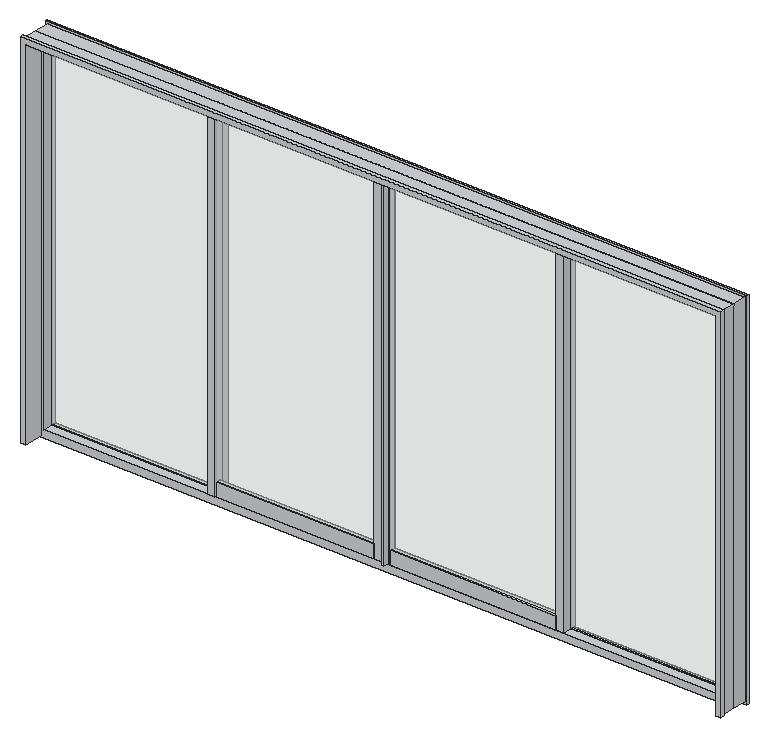
Revit family "APL Residential Thermal Heart Sliding Door FSSF", category Doors, host Wall, Revit 2017 (continued)
Definition of nested family "APL Residential Thermal Heart Sliding Door FSSF Vertical Section"
  Nested families
    nested 4: "Glass" at (-317.757, -2.597, 0), Glass Lenght <- "Glass Length", type "Glass", in view "Left", detail levels fine
      with Glass Lenght 282.1 mm
    nested 5: "Head Two Panel" at (-395.477, 376.603, 0), type "Head Two Panel", in view "Left", detail levels fine
    nested 6: "Sill Two Panel" at (-308.917, -123.397, 0), type "Sill Two Panel", in view "Left", detail levels fine
  Definition of nested family "Liner"
    Parameters (values of type "Liner")
      Type Image = (empty or 0)
      built-in parameter 1001306 [instance] = 100 mm
      Groove [instance] = 10 mm
      End Liner [instance] = 10 mm
    Reference planes
      plane 1 "Center (Front/Back)": y = 0
      plane 2: z = 0
      plane 3 "Left": x = 0
      plane 4 "Right": x = 100
    Lines and regions (mm)
      Filled region 1, type "Brick", in view "Ref. Level"
        outline origin (0, 0, 0) x (1, 0, 0) y (0, 1, 0)
          loop
            line (0, 0) -> (120, 0) -> (120, 19) -> (110, 19) -> (110, 13.435) -> (100, 13.435) -> (100, 19) -> (0, 19) -> (0, 0)
      reference lines, in view "Ref. Level"
        curve 1: line (0, 0, 0) -> (100, 0, 0)
      detail lines, in view "Ref. Level", detail levels fine
        curve 2: line (100, 0, 0) -> (0, 0, 0)
    Dimensions and locks
      "built-in parameter 1001306": plane 3 "Left" to plane 4 "Right"
      locked: Filled region 1 to curve 2 at 19
      "Groove": plane 4 "Right" to Filled region 1
      "End Liner": Filled region 1 to Filled region 1
      aligned and locked: plane 1 "Center (Front/Back)" to curve 1
      aligned and locked: plane 3 "Left" to curve 1
      aligned and locked: plane 4 "Right" to curve 1
      aligned and locked: curve 1 to Filled region 1
      aligned and locked: plane 1 "Center (Front/Back)" to Filled region 1
      aligned and locked: Filled region 1 to plane 3 "Left"
    Automatic sketch dimensions
      curve 2 to plane 4 "Right" = 0 mm
      Filled region 1 sketch curve to plane 3 "Left" = 0 mm
      Filled region 1 sketch curve to plane 4 "Right" = 0 mm
      Filled region 1 sketch curve to Filled region 1 sketch curve = 10 mm  (x2)
      Filled region 1 sketch curve to plane 1 "Center (Front/Back)" = 0 mm
      Filled region 1 sketch curve to plane 1 "Center (Front/Back)" = 13.435 mm
      Filled region 1 sketch curve to Filled region 1 sketch curve = 5.565 mm  (x2)
      curve 2 to plane 3 "Left" = 0 mm
  Definition of nested family "Glass"
    Parameters (values of type "Glass")
      Glass Lenght [instance] = 50 mm
    Reference planes
      plane 1 "Center (Front/Back)": y = 0
      plane 2: z = 0
      plane 3 "Center (Left/Right)": x = 0
      plane 4: y = -50
    Lines and regions (mm)
      Filled region 1, type "Solid Fill - Black", in view "Ref. Level"
        outline origin (0, 0, 0) x (1, 0, 0) y (0, 1, 0)
          loop
            line (4, 0) -> (4, -12) -> (20, -12) -> (20, 0) -> (4, 0)
      model lines, in view "Ref. Level"
        curve 1: line (4, -12, 0) -> (20, -12, 0)
        curve 2: line (0, -50, 0) -> (0, 0, 0)
        curve 3: line (0, 0, 0) -> (24, 0, 0)
        curve 4: line (24, 0, 0) -> (24, -50, 0)
        curve 5: line (20, 0, 0) -> (20, -50, 0)
        curve 6: line (4, 0, 0) -> (4, -50, 0)
      detail lines, in view "Ref. Level"
        curve 7: arc (25, -11.728, 0) -> (24.979, -11.828, 0) -> (24.92, -11.912, 0) r 0.25
        curve 8: arc (24.161, -12.614, 0) -> (24.042, -12.78, 0) -> (24, -12.981, 0) r 0.5
        curve 9: arc (24, -14.404, 0) -> (24.088, -14.594, 0) -> (24.289, -14.651, 0) r 0.25
        curve 10: arc (28.489, -13.997, 0) -> (28.647, -13.904, 0) -> (28.699, -13.728, 0) r 0.25
        curve 11: arc (27.5, -9.1, 0) -> (27.711, -8.984, 0) -> (27.727, -8.744, 0) r 0.25
        curve 12: arc (26.033, -5.114, 0) -> (25.642, -4.858, 0) -> (25.24, -5.095, 0) r 0.442
        curve 13: arc (24.864, -5.812, 0) -> (24.414, -6.357, 0) -> (24.052, -6.964, 0) r 4.62
        curve 14: arc (24.052, -6.964, 0) -> (24.013, -7.073, 0) -> (24, -7.187, 0) r 0.5
        curve 15: arc (24, -7.743, 0) -> (24.132, -7.931, 0) -> (24.353, -7.871, 0) r 0.2
        curve 16: arc (24.353, -7.871, 0) -> (24.514, -7.711, 0) -> (24.702, -7.581, 0) r 1.262
        curve 17: arc (24.702, -7.581, 0) -> (24.901, -7.583, 0) -> (25, -7.756, 0) r 0.2
        curve 18: arc (25, -8.353, 0) -> (24.962, -8.543, 0) -> (24.855, -8.705, 0) r 0.5
        curve 19: arc (24.855, -8.705, 0) -> (24.408, -9.237, 0) -> (24.051, -9.833, 0) r 4.3
        curve 20: arc (24.051, -9.833, 0) -> (24.013, -9.941, 0) -> (24, -10.054, 0) r 0.5
        curve 21: arc (24, -10.668, 0) -> (24.137, -10.858, 0) -> (24.361, -10.787, 0) r 0.2
        curve 22: arc (24.361, -10.787, 0) -> (24.512, -10.617, 0) -> (24.69, -10.476, 0) r 1.288
        curve 23: arc (24.69, -10.476, 0) -> (24.895, -10.467, 0) -> (25, -10.643, 0) r 0.2
        curve 24: line (24.92, -11.912, 0) -> (24.161, -12.614, 0)
        curve 25: line (24, -12.981, 0) -> (24, -14.404, 0)
        curve 26: line (24.289, -14.651, 0) -> (28.489, -13.997, 0)
        curve 27: line (28.699, -13.728, 0) -> (28.548, -12, 0)
        curve 28: line (28.548, -12, 0) -> (27, -12, 0)
        curve 29: line (27, -12, 0) -> (27, -9.1, 0)
        curve 30: line (27, -9.1, 0) -> (27.5, -9.1, 0)
        curve 31: line (27.727, -8.744, 0) -> (26.033, -5.114, 0)
        curve 32: line (25.24, -5.095, 0) -> (24.864, -5.812, 0)
        curve 33: line (24, -7.187, 0) -> (24, -7.743, 0)
        curve 34: line (25, -7.756, 0) -> (25, -8.353, 0)
        curve 35: line (24, -10.054, 0) -> (24, -10.668, 0)
        curve 36: line (25, -10.643, 0) -> (25, -11.728, 0)
        curve 87: arc (-0.25, -13, 0) -> (0, -12.75, 0) -> (-0.25, -12.5, 0) r 0.25
        curve 88: arc (-0.25, -9.45, 0) -> (0, -9.2, 0) -> (-0.25, -8.95, 0) r 0.25
        curve 89: arc (-0.25, -8.281, 0) -> (0, -8.031, 0) -> (-0.25, -7.781, 0) r 0.25
        curve 90: arc (-0.25, -7.113, 0) -> (0, -6.863, 0) -> (-0.25, -6.613, 0) r 0.25
        curve 91: line (-0.25, -5.444, 0) -> (-1, -5.444, 0)
        curve 92: line (-1, -5.444, 0) -> (-1, -9.45, 0)
        curve 93: line (-1, -9.45, 0) -> (-2.2, -9.45, 0)
        curve 94: line (-2.2, -9.45, 0) -> (-2.2, -8.7, 0)
        curve 95: line (-2.2, -8.7, 0) -> (-2.8, -8.7, 0)
        curve 96: line (-2.8, -8.7, 0) -> (-2.8, -11.8, 0)
        curve 97: line (-2.8, -11.8, 0) -> (-2.2, -11.8, 0)
        curve 98: line (-2.2, -11.8, 0) -> (-2.2, -11.05, 0)
        curve 99: line (-2.2, -11.05, 0) -> (-1, -11.05, 0)
        curve 100: line (-1, -11.05, 0) -> (-1, -13, 0)
        curve 101: line (-1, -13, 0) -> (-0.25, -13, 0)
        curve 102: line (-0.25, -12.5, 0) -> (-0.25, -9.45, 0)
        curve 103: line (-0.25, -8.95, 0) -> (-0.25, -8.281, 0)
        curve 104: line (-0.25, -7.781, 0) -> (-0.25, -7.113, 0)
        curve 105: line (-0.25, -6.613, 0) -> (-0.25, -5.944, 0)
        curve 106: arc (-0.25, -5.944, 0) -> (0, -5.694, 0) -> (-0.25, -5.444, 0) r 0.25
      detail lines, in view "Ref. Level", not visible
        curve 37: arc (-0.25, -4.9, 0) -> (0, -5.15, 0) -> (-0.25, -5.4, 0) r 0.25
        curve 38: arc (-0.25, -8.45, 0) -> (0, -8.7, 0) -> (-0.25, -8.95, 0) r 0.25
        curve 39: arc (-0.25, -9.619, 0) -> (0, -9.869, 0) -> (-0.25, -10.119, 0) r 0.25
        curve 40: arc (-0.25, -10.787, 0) -> (0, -11.037, 0) -> (-0.25, -11.287, 0) r 0.25
        curve 41: line (-0.25, -12.456, 0) -> (-1, -12.456, 0)
        curve 42: line (-1, -12.456, 0) -> (-1, -8.45, 0)
        curve 43: line (-1, -8.45, 0) -> (-2.2, -8.45, 0)
        curve 44: line (-2.2, -8.45, 0) -> (-2.2, -9.2, 0)
        curve 45: line (-2.2, -9.2, 0) -> (-2.8, -9.2, 0)
        curve 46: line (-2.8, -9.2, 0) -> (-2.8, -6.1, 0)
        curve 47: line (-2.8, -6.1, 0) -> (-2.2, -6.1, 0)
        curve 48: line (-2.2, -6.1, 0) -> (-2.2, -6.85, 0)
        curve 49: line (-2.2, -6.85, 0) -> (-1, -6.85, 0)
        curve 50: line (-1, -6.85, 0) -> (-1, -4.9, 0)
        curve 51: line (-1, -4.9, 0) -> (-0.25, -4.9, 0)
        curve 52: line (-0.25, -5.4, 0) -> (-0.25, -8.45, 0)
        curve 53: line (-0.25, -8.95, 0) -> (-0.25, -9.619, 0)
        curve 54: line (-0.25, -10.119, 0) -> (-0.25, -10.787, 0)
        curve 55: line (-0.25, -11.287, 0) -> (-0.25, -11.956, 0)
        curve 56: arc (-0.25, -11.956, 0) -> (0, -12.206, 0) -> (-0.25, -12.456, 0) r 0.25
        curve 57: arc (25, -10.728, 0) -> (24.979, -10.828, 0) -> (24.92, -10.912, 0) r 0.25
        curve 58: arc (24.161, -11.614, 0) -> (24.042, -11.78, 0) -> (24, -11.981, 0) r 0.5
        curve 59: arc (24, -13.404, 0) -> (24.088, -13.594, 0) -> (24.289, -13.651, 0) r 0.25
        curve 60: arc (28.489, -12.997, 0) -> (28.647, -12.904, 0) -> (28.699, -12.728, 0) r 0.25
        curve 61: arc (27.5, -8.1, 0) -> (27.711, -7.984, 0) -> (27.727, -7.744, 0) r 0.25
        curve 62: arc (26.033, -4.114, 0) -> (25.642, -3.858, 0) -> (25.24, -4.095, 0) r 0.442
        curve 63: arc (24.864, -4.812, 0) -> (24.414, -5.357, 0) -> (24.052, -5.964, 0) r 4.62
        curve 64: arc (24.052, -5.964, 0) -> (24.013, -6.073, 0) -> (24, -6.187, 0) r 0.5
        curve 65: arc (24, -6.743, 0) -> (24.132, -6.931, 0) -> (24.353, -6.871, 0) r 0.2
        curve 66: arc (24.353, -6.871, 0) -> (24.514, -6.711, 0) -> (24.702, -6.581, 0) r 1.262
        curve 67: arc (24.702, -6.581, 0) -> (24.901, -6.583, 0) -> (25, -6.756, 0) r 0.2
        curve 68: arc (25, -7.353, 0) -> (24.962, -7.543, 0) -> (24.855, -7.705, 0) r 0.5
        curve 69: arc (24.855, -7.705, 0) -> (24.408, -8.237, 0) -> (24.051, -8.833, 0) r 4.3
        curve 70: arc (24.051, -8.833, 0) -> (24.013, -8.941, 0) -> (24, -9.054, 0) r 0.5
        curve 71: arc (24, -9.668, 0) -> (24.137, -9.858, 0) -> (24.361, -9.787, 0) r 0.2
        curve 72: arc (24.361, -9.787, 0) -> (24.512, -9.617, 0) -> (24.69, -9.476, 0) r 1.288
        curve 73: arc (24.69, -9.476, 0) -> (24.895, -9.467, 0) -> (25, -9.643, 0) r 0.2
        curve 74: line (24.92, -10.912, 0) -> (24.161, -11.614, 0)
        curve 75: line (24, -11.981, 0) -> (24, -13.404, 0)
        curve 76: line (24.289, -13.651, 0) -> (28.489, -12.997, 0)
        curve 77: line (28.699, -12.728, 0) -> (28.548, -11, 0)
        curve 78: line (28.548, -11, 0) -> (27, -11, 0)
        curve 79: line (27, -11, 0) -> (27, -8.1, 0)
        curve 80: line (27, -8.1, 0) -> (27.5, -8.1, 0)
        curve 81: line (27.727, -7.744, 0) -> (26.033, -4.114, 0)
        curve 82: line (25.24, -4.095, 0) -> (24.864, -4.812, 0)
        curve 83: line (24, -6.187, 0) -> (24, -6.743, 0)
        curve 84: line (25, -6.756, 0) -> (25, -7.353, 0)
        curve 85: line (24, -9.054, 0) -> (24, -9.668, 0)
        curve 86: line (25, -9.643, 0) -> (25, -10.728, 0)
    Dimensions and locks
      "Glass Lenght": plane 1 "Center (Front/Back)" to plane 4
      aligned and locked: plane 4 to curve 2
      aligned and locked: plane 1 "Center (Front/Back)" to Filled region 1 sketch curve
      aligned and locked: Filled region 1 sketch curve to curve 6
      aligned and locked: Filled region 1 sketch curve to curve 1
      aligned and locked: Filled region 1 sketch curve to curve 5
    Automatic sketch dimensions
      plane 1 "Center (Front/Back)" to curve 2 = 0 mm
      curve 2 to plane 3 "Center (Left/Right)" = 0 mm
      curve 6 to plane 4 = 0 mm
      curve 5 to plane 4 = 0 mm
      curve 4 to plane 4 = 0 mm
      curve 5 to curve 3 = 4 mm
      curve 1 to curve 1 = 16 mm
      plane 1 "Center (Front/Back)" to curve 1 = 12 mm
      plane 3 "Center (Left/Right)" to curve 6 = 4 mm
  Definition of nested family "Head Two Panel"
    Reference planes
      plane 1 "Center (Front/Back)": y = 0
      plane 2: z = 0
      plane 3 "Center (Left/Right)": x = 0
    Dimensions and locks
      nested 1 to nested 2 = 7.499 mm
    Nested families
      nested 1: "65460_Door Top And Window Rail" at (73.501, -105, 0), type "65460_Door Top And Window Rail", in view "Ref. Level"
      nested 2: "65400_Frame Head" at (0, 0, 0), type "65400_Frame Head", in view "Ref. Level"
      nested 3: "65575_Threshold" at (0, -24, 0), type "65575_Threshold", in view "Ref. Level"
    Definition of nested family "65460_Door Top And Window Rail"
      Reference planes
        plane 1 "Center (Front/Back)": y = 0
        plane 2: z = 0
        plane 3 "Center (Left/Right)": x = 0
      Lines and regions (mm)
        detail lines, in view "Ref. Level"
          curve 1: arc (20.155, 25.72, 0) -> (19.65, 25.078, 0) -> (19.29, 24.346, 0) r 3.9
          curve 2: arc (19.29, 24.346, 0) -> (19.067, 24.218, 0) -> (18.902, 24.415, 0) r 0.2
          curve 3: arc (18.902, 31.835, 0) -> (19.067, 32.032, 0) -> (19.29, 31.904, 0) r 0.2
          curve 4: arc (19.29, 31.904, 0) -> (19.65, 31.172, 0) -> (20.155, 30.53, 0) r 3.9
          curve 5: arc (20.155, 30.53, 0) -> (21.428, 30.513, 0) -> (21.445, 31.786, 0) r 0.9
          curve 6: arc (21.445, 31.786, 0) -> (20.85, 33.25, 0) -> (21.445, 34.715, 0) r 2.1
          curve 7: arc (21.445, 34.715, 0) -> (21.57, 34.877, 0) -> (21.656, 35.064, 0) r 0.9
          curve 8: arc (21.656, 35.064, 0) -> (21.753, 35.236, 0) -> (21.91, 35.358, 0) r 0.5
          curve 9: arc (21.91, 35.358, 0) -> (22.95, 35.6, 0) -> (23.99, 35.358, 0) r 2.35
          curve 10: arc (23.99, 35.358, 0) -> (24.147, 35.236, 0) -> (24.244, 35.064, 0) r 0.5
          curve 11: arc (24.244, 35.064, 0) -> (24.33, 34.877, 0) -> (24.455, 34.715, 0) r 0.9
          curve 12: arc (24.455, 34.715, 0) -> (25.05, 33.25, 0) -> (24.455, 31.786, 0) r 2.1
          curve 13: arc (24.455, 31.786, 0) -> (24.472, 30.513, 0) -> (25.745, 30.53, 0) r 0.9
          curve 14: arc (25.745, 30.53, 0) -> (26.799, 32.619, 0) -> (26.468, 34.934, 0) r 3.9
          curve 15: arc (26.468, 34.934, 0) -> (26.496, 35.417, 0) -> (26.919, 35.65, 0) r 0.5
          curve 16: arc (31.08, 35.65, 0) -> (31.402, 35.533, 0) -> (31.572, 35.236, 0) r 0.5
          curve 17: arc (31.572, 21.014, 0) -> (31.402, 20.717, 0) -> (31.08, 20.6, 0) r 0.5
          curve 18: arc (26.919, 20.6, 0) -> (26.496, 20.834, 0) -> (26.468, 21.316, 0) r 0.5
          curve 19: arc (26.468, 21.316, 0) -> (26.799, 23.631, 0) -> (25.745, 25.72, 0) r 3.9
          curve 20: arc (25.745, 25.72, 0) -> (24.472, 25.737, 0) -> (24.455, 24.464, 0) r 0.9
          curve 21: arc (24.455, 24.464, 0) -> (25.05, 23, 0) -> (24.455, 21.535, 0) r 2.1
          curve 22: arc (24.455, 21.535, 0) -> (24.33, 21.373, 0) -> (24.244, 21.186, 0) r 0.9
          curve 23: arc (24.244, 21.186, 0) -> (24.147, 21.014, 0) -> (23.99, 20.892, 0) r 0.5
          curve 24: arc (23.99, 20.892, 0) -> (22.95, 20.65, 0) -> (21.91, 20.892, 0) r 2.35
          curve 25: arc (21.91, 20.892, 0) -> (21.753, 21.014, 0) -> (21.656, 21.186, 0) r 0.5
          curve 26: arc (21.656, 21.186, 0) -> (21.57, 21.373, 0) -> (21.445, 21.535, 0) r 0.9
          curve 27: arc (21.445, 21.535, 0) -> (20.85, 23, 0) -> (21.445, 24.464, 0) r 2.1
          curve 28: arc (21.445, 24.464, 0) -> (21.428, 25.737, 0) -> (20.155, 25.72, 0) r 0.9
          curve 29: arc (17.002, 21.247, 0) -> (17.028, 21.125, 0) -> (17.102, 21.023, 0) r 0.3
          curve 30: arc (17.102, 21.023, 0) -> (17.182, 20.693, 0) -> (16.902, 20.5, 0) r 0.3
          curve 31: arc (14.681, 21.043, 0) -> (14.592, 21.095, 0) -> (14.54, 21.184, 0) r 0.2
          curve 32: arc (14.495, 21.352, 0) -> (14.354, 21.493, 0) -> (14.161, 21.441, 0) r 0.2
          curve 33: arc (13.797, 21.077, 0) -> (13.737, 20.992, 0) -> (13.71, 20.891, 0) r 0.3
          curve 34: arc (13.503, 18.526, 0) -> (13.619, 18.262, 0) -> (13.905, 18.218, 0) r 0.3
          curve 35: arc (15.315, 18.731, 0) -> (15.441, 18.819, 0) -> (15.507, 18.957, 0) r 0.3
          curve 36: arc (15.507, 18.957, 0) -> (15.78, 19.199, 0) -> (16.085, 19, 0) r 0.3
          curve 37: arc (31.1, 19, 0) -> (31.414, 18.904, 0) -> (31.601, 18.633, 0) r 0.5
          curve 38: arc (32.601, 3.535, 0) -> (32.523, 3.377, 0) -> (32.349, 3.342, 0) r 0.2
          curve 39: arc (31.453, 3.583, 0) -> (31.279, 3.548, 0) -> (31.201, 3.389, 0) r 0.2
          curve 40: arc (31.439, 1.205, 0) -> (31.508, 1.087, 0) -> (31.636, 1.04, 0) r 0.2
          curve 41: arc (32.901, 0.203, 0) -> (32.959, 0.06, 0) -> (33.101, 0, 0) r 0.2
          curve 42: arc (33.8, 0, 0) -> (33.941, 0.059, 0) -> (34, 0.2, 0) r 0.2
          curve 43: arc (34, 71.5, 0) -> (33.854, 71.854, 0) -> (33.5, 72, 0) r 0.5
          curve 44: arc (32.4, 72, 0) -> (32.259, 71.942, 0) -> (32.2, 71.8, 0) r 0.2
          curve 45: arc (32.2, 57.95, 0) -> (32.141, 57.809, 0) -> (32, 57.75, 0) r 0.2
          curve 46: arc (29.4, 57.75, 0) -> (29.259, 57.692, 0) -> (29.2, 57.55, 0) r 0.2
          curve 47: arc (29.2, 56.45, 0) -> (29.259, 56.309, 0) -> (29.4, 56.25, 0) r 0.2
          curve 48: arc (32, 56.25, 0) -> (32.141, 56.192, 0) -> (32.2, 56.05, 0) r 0.2
          curve 49: arc (32.2, 42.95, 0) -> (32.141, 42.809, 0) -> (32, 42.75, 0) r 0.2
          curve 50: arc (29.4, 42.75, 0) -> (29.259, 42.692, 0) -> (29.2, 42.55, 0) r 0.2
          curve 51: arc (29.2, 41.45, 0) -> (29.259, 41.309, 0) -> (29.4, 41.25, 0) r 0.2
          curve 52: arc (32, 41.25, 0) -> (32.141, 41.192, 0) -> (32.2, 41.05, 0) r 0.2
          curve 53: arc (31.601, 37.618, 0) -> (31.422, 37.352, 0) -> (31.119, 37.25, 0) r 0.5
          curve 54: arc (16.085, 37.25, 0) -> (15.78, 37.051, 0) -> (15.507, 37.293, 0) r 0.3
          curve 55: arc (15.507, 37.293, 0) -> (15.441, 37.431, 0) -> (15.315, 37.519, 0) r 0.3
          curve 56: arc (13.905, 38.032, 0) -> (13.619, 37.988, 0) -> (13.503, 37.724, 0) r 0.3
          curve 57: arc (13.71, 35.359, 0) -> (13.737, 35.258, 0) -> (13.797, 35.173, 0) r 0.3
          curve 58: arc (14.161, 34.809, 0) -> (14.354, 34.757, 0) -> (14.495, 34.898, 0) r 0.2
          curve 59: arc (14.54, 35.066, 0) -> (14.592, 35.155, 0) -> (14.681, 35.207, 0) r 0.2
          curve 60: arc (16.902, 35.75, 0) -> (17.182, 35.557, 0) -> (17.102, 35.227, 0) r 0.3
          curve 61: arc (17.102, 35.227, 0) -> (17.028, 35.125, 0) -> (17.002, 35.003, 0) r 0.3
          curve 62: arc (17.196, 31, 0) -> (17.16, 30.828, 0) -> (17.002, 30.75, 0) r 0.2
          curve 63: arc (16.482, 30.75, 0) -> (16.4, 30.761, 0) -> (16.325, 30.794, 0) r 0.3
          curve 64: arc (15.071, 31.559, 0) -> (15.074, 31.729, 0) -> (14.968, 31.861, 0) r 0.25
          curve 65: arc (14.882, 31.914, 0) -> (14.63, 31.918, 0) -> (14.502, 31.7, 0) r 0.25
          curve 66: arc (14.502, 29.554, 0) -> (14.528, 29.456, 0) -> (14.598, 29.383, 0) r 0.2
          curve 67: arc (16.379, 28.296, 0) -> (16.475, 28.125, 0) -> (16.379, 27.954, 0) r 0.2
          curve 68: arc (14.598, 26.867, 0) -> (14.528, 26.794, 0) -> (14.502, 26.696, 0) r 0.2
          curve 69: arc (14.502, 24.55, 0) -> (14.629, 24.332, 0) -> (14.882, 24.336, 0) r 0.25
          curve 70: arc (14.968, 24.388, 0) -> (15.074, 24.521, 0) -> (15.071, 24.691, 0) r 0.25
          curve 71: arc (16.325, 25.456, 0) -> (16.4, 25.489, 0) -> (16.481, 25.5, 0) r 0.3
          curve 72: line (18.902, 24.415, 0) -> (18.902, 31.835, 0)
          curve 73: line (26.919, 35.65, 0) -> (31.08, 35.65, 0)
          curve 74: line (31.572, 35.236, 0) -> (32.193, 31.693, 0)
          curve 75: line (32.2, 31.607, 0) -> (32.2, 24.643, 0)
          curve 76: line (32.193, 24.557, 0) -> (31.572, 21.014, 0)
          curve 77: line (31.08, 20.6, 0) -> (26.919, 20.6, 0)
          curve 78: line (17.196, 25.25, 0) -> (17.002, 24.5, 0)
          curve 79: line (17.002, 24.474, 0) -> (17.002, 21.247, 0)
          curve 80: line (16.67, 20.51, 0) -> (14.681, 21.043, 0)
          curve 81: line (14.54, 21.184, 0) -> (14.495, 21.352, 0)
          curve 82: line (14.161, 21.441, 0) -> (13.797, 21.077, 0)
          curve 83: line (13.71, 20.891, 0) -> (13.503, 18.526, 0)
          curve 84: line (13.905, 18.218, 0) -> (15.315, 18.731, 0)
          curve 85: line (16.085, 19, 0) -> (31.1, 19, 0)
          curve 86: line (31.601, 18.633, 0) -> (32.583, 15.065, 0)
          curve 87: line (32.601, 14.933, 0) -> (32.601, 3.535, 0)
          curve 88: line (32.349, 3.342, 0) -> (31.453, 3.583, 0)
          curve 89: line (31.201, 3.389, 0) -> (31.201, 2.558, 0)
          curve 90: line (31.201, 2.558, 0) -> (31.439, 1.205, 0)
          curve 91: line (31.636, 1.04, 0) -> (32.901, 1.04, 0)
          curve 92: line (32.901, 1.04, 0) -> (32.901, 0.203, 0)
          curve 93: line (33.101, 0, 0) -> (33.8, 0, 0)
          curve 94: line (34, 0.2, 0) -> (34, 71.5, 0)
          curve 95: line (33.5, 72, 0) -> (32.4, 72, 0)
          curve 96: line (32.2, 71.8, 0) -> (32.2, 57.95, 0)
          curve 97: line (32, 57.75, 0) -> (29.4, 57.75, 0)
          curve 98: line (29.2, 57.55, 0) -> (29.2, 56.45, 0)
          curve 99: line (29.4, 56.25, 0) -> (32, 56.25, 0)
          curve 100: line (32.2, 56.05, 0) -> (32.2, 42.95, 0)
          curve 101: line (32, 42.75, 0) -> (29.4, 42.75, 0)
          curve 102: line (29.2, 42.55, 0) -> (29.2, 41.45, 0)
          curve 103: line (29.4, 41.25, 0) -> (32, 41.25, 0)
          curve 104: line (32.2, 41.05, 0) -> (32.2, 39.861, 0)
          curve 105: line (32.182, 39.728, 0) -> (31.601, 37.618, 0)
          curve 106: line (31.119, 37.25, 0) -> (23.35, 37.25, 0)
          curve 107: line (23.35, 37.25, 0) -> (22.95, 36.85, 0)
          curve 108: line (22.95, 36.85, 0) -> (22.55, 37.25, 0)
          curve 109: line (22.55, 37.25, 0) -> (16.085, 37.25, 0)
          curve 110: line (15.315, 37.519, 0) -> (13.905, 38.032, 0)
          curve 111: line (13.503, 37.724, 0) -> (13.71, 35.359, 0)
          curve 112: line (13.797, 35.173, 0) -> (14.161, 34.809, 0)
          curve 113: line (14.495, 34.898, 0) -> (14.54, 35.066, 0)
          curve 114: line (14.681, 35.207, 0) -> (16.67, 35.74, 0)
          curve 115: line (17.002, 35.003, 0) -> (17.002, 31.776, 0)
          curve 116: line (17.002, 31.75, 0) -> (17.196, 31, 0)
          curve 117: line (17.002, 30.75, 0) -> (16.482, 30.75, 0)
          curve 118: line (16.325, 30.794, 0) -> (15.071, 31.559, 0)
          curve 119: line (14.502, 31.7, 0) -> (14.502, 29.554, 0)
          curve 120: line (14.598, 29.383, 0) -> (16.379, 28.296, 0)
          curve 121: line (16.379, 27.954, 0) -> (14.598, 26.867, 0)
          curve 122: line (14.502, 26.696, 0) -> (14.502, 24.55, 0)
          curve 123: line (15.071, 24.691, 0) -> (16.325, 25.456, 0)
          curve 124: line (16.481, 25.5, 0) -> (17.002, 25.5, 0)
          curve 125: arc (17.002, 25.5, 0) -> (17.16, 25.422, 0) -> (17.196, 25.25, 0) r 0.2
          curve 126: arc (2.202, 31.65, 0) -> (2.319, 31.367, 0) -> (2.602, 31.25, 0) r 0.4
          curve 127: arc (2.895, 31.25, 0) -> (2.998, 31.264, 0) -> (3.095, 31.304, 0) r 0.4
          curve 128: arc (4.623, 32.189, 0) -> (4.913, 32.309, 0) -> (5.224, 32.35, 0) r 1.2
          curve 129: arc (6.147, 32.35, 0) -> (6.72, 32.531, 0) -> (7.086, 33.008, 0) r 1
          curve 130: arc (7.879, 35.187, 0) -> (8.026, 35.378, 0) -> (8.255, 35.45, 0) r 0.4
          curve 131: arc (10.949, 35.45, 0) -> (11.178, 35.378, 0) -> (11.325, 35.187, 0) r 0.4
          curve 132: arc (12.118, 33.008, 0) -> (12.484, 32.531, 0) -> (13.057, 32.35, 0) r 1
          curve 133: arc (13.98, 32.35, 0) -> (14.291, 32.309, 0) -> (14.581, 32.189, 0) r 1.2
          curve 134: arc (16.109, 31.304, 0) -> (16.206, 31.264, 0) -> (16.309, 31.25, 0) r 0.4
          curve 135: arc (16.602, 31.25, 0) -> (16.885, 31.367, 0) -> (17.002, 31.65, 0) r 0.4
          curve 136: arc (17.002, 35.05, 0) -> (16.885, 35.333, 0) -> (16.602, 35.45, 0) r 0.4
          curve 137: arc (16.309, 35.45, 0) -> (16.206, 35.437, 0) -> (16.109, 35.396, 0) r 0.4
          curve 138: arc (14.581, 34.512, 0) -> (14.287, 34.39, 0) -> (13.972, 34.35, 0) r 1.2
          curve 139: arc (13.972, 34.35, 0) -> (13.797, 34.403, 0) -> (13.686, 34.548, 0) r 0.3
          curve 140: arc (12.798, 36.987, 0) -> (12.651, 37.178, 0) -> (12.422, 37.25, 0) r 0.4
          curve 141: arc (6.782, 37.25, 0) -> (6.553, 37.178, 0) -> (6.406, 36.987, 0) r 0.4
          curve 142: arc (5.518, 34.548, 0) -> (5.407, 34.403, 0) -> (5.232, 34.35, 0) r 0.3
          curve 143: arc (5.232, 34.35, 0) -> (4.917, 34.39, 0) -> (4.623, 34.512, 0) r 1.2
          curve 144: arc (3.095, 35.396, 0) -> (2.998, 35.437, 0) -> (2.895, 35.45, 0) r 0.4
          curve 145: arc (2.602, 35.45, 0) -> (2.319, 35.333, 0) -> (2.202, 35.05, 0) r 0.4
          curve 146: line (2.602, 31.25, 0) -> (2.895, 31.25, 0)
          curve 147: line (3.095, 31.304, 0) -> (4.623, 32.189, 0)
          curve 148: line (5.224, 32.35, 0) -> (6.147, 32.35, 0)
          curve 149: line (7.086, 33.008, 0) -> (7.879, 35.187, 0)
          curve 150: line (8.255, 35.45, 0) -> (10.949, 35.45, 0)
          curve 151: line (11.325, 35.187, 0) -> (12.118, 33.008, 0)
          curve 152: line (13.057, 32.35, 0) -> (13.98, 32.35, 0)
          curve 153: line (14.581, 32.189, 0) -> (16.109, 31.304, 0)
          curve 154: line (16.309, 31.25, 0) -> (16.602, 31.25, 0)
          curve 155: line (17.002, 31.65, 0) -> (17.002, 35.05, 0)
          curve 156: line (16.602, 35.45, 0) -> (16.309, 35.45, 0)
          curve 157: line (16.109, 35.396, 0) -> (14.581, 34.512, 0)
          curve 158: line (13.686, 34.548, 0) -> (12.798, 36.987, 0)
          curve 159: line (12.422, 37.25, 0) -> (6.782, 37.25, 0)
          curve 160: line (6.406, 36.987, 0) -> (5.518, 34.548, 0)
          curve 161: line (4.623, 34.512, 0) -> (3.095, 35.396, 0)
          curve 162: line (2.895, 35.45, 0) -> (2.602, 35.45, 0)
          curve 163: line (2.202, 35.05, 0) -> (2.202, 31.65, 0)
          curve 164: arc (2.202, 24.6, 0) -> (2.319, 24.883, 0) -> (2.602, 25, 0) r 0.4
          curve 165: arc (2.895, 25, 0) -> (2.998, 24.986, 0) -> (3.095, 24.946, 0) r 0.4
          curve 166: arc (4.623, 24.061, 0) -> (4.913, 23.941, 0) -> (5.224, 23.9, 0) r 1.2
          curve 167: arc (6.147, 23.9, 0) -> (6.72, 23.719, 0) -> (7.086, 23.242, 0) r 1
          curve 168: arc (7.879, 21.063, 0) -> (8.026, 20.872, 0) -> (8.255, 20.8, 0) r 0.4
          curve 169: arc (10.949, 20.8, 0) -> (11.178, 20.872, 0) -> (11.325, 21.063, 0) r 0.4
          curve 170: arc (12.118, 23.242, 0) -> (12.484, 23.719, 0) -> (13.057, 23.9, 0) r 1
          curve 171: arc (13.98, 23.9, 0) -> (14.291, 23.941, 0) -> (14.581, 24.061, 0) r 1.2
          curve 172: arc (16.109, 24.946, 0) -> (16.206, 24.986, 0) -> (16.309, 25, 0) r 0.4
          curve 173: arc (16.602, 25, 0) -> (16.885, 24.883, 0) -> (17.002, 24.6, 0) r 0.4
          curve 174: arc (17.002, 21.2, 0) -> (16.885, 20.917, 0) -> (16.602, 20.8, 0) r 0.4
          curve 175: arc (16.309, 20.8, 0) -> (16.206, 20.813, 0) -> (16.109, 20.854, 0) r 0.4
          curve 176: arc (14.581, 21.738, 0) -> (14.287, 21.86, 0) -> (13.972, 21.9, 0) r 1.2
          curve 177: arc (13.972, 21.9, 0) -> (13.797, 21.847, 0) -> (13.686, 21.702, 0) r 0.3
          curve 178: arc (12.798, 19.263, 0) -> (12.651, 19.072, 0) -> (12.422, 19, 0) r 0.4
          curve 179: arc (6.782, 19, 0) -> (6.553, 19.072, 0) -> (6.406, 19.263, 0) r 0.4
          curve 180: arc (5.518, 21.702, 0) -> (5.407, 21.847, 0) -> (5.232, 21.9, 0) r 0.3
          curve 181: arc (5.232, 21.9, 0) -> (4.917, 21.86, 0) -> (4.623, 21.738, 0) r 1.2
          curve 182: arc (3.095, 20.854, 0) -> (2.998, 20.813, 0) -> (2.895, 20.8, 0) r 0.4
          curve 183: arc (2.602, 20.8, 0) -> (2.319, 20.917, 0) -> (2.202, 21.2, 0) r 0.4
          curve 184: line (2.602, 25, 0) -> (2.895, 25, 0)
          curve 185: line (3.095, 24.946, 0) -> (4.623, 24.061, 0)
          curve 186: line (5.224, 23.9, 0) -> (6.147, 23.9, 0)
          curve 187: line (7.086, 23.242, 0) -> (7.879, 21.063, 0)
          curve 188: line (8.255, 20.8, 0) -> (10.949, 20.8, 0)
          curve 189: line (11.325, 21.063, 0) -> (12.118, 23.242, 0)
          curve 190: line (13.057, 23.9, 0) -> (13.98, 23.9, 0)
          curve 191: line (14.581, 24.061, 0) -> (16.109, 24.946, 0)
          curve 192: line (16.309, 25, 0) -> (16.602, 25, 0)
          curve 193: line (17.002, 24.6, 0) -> (17.002, 21.2, 0)
          curve 194: line (16.602, 20.8, 0) -> (16.309, 20.8, 0)
          curve 195: line (16.109, 20.854, 0) -> (14.581, 21.738, 0)
          curve 196: line (13.686, 21.702, 0) -> (12.798, 19.263, 0)
          curve 197: line (12.422, 19, 0) -> (6.782, 19, 0)
          curve 198: line (6.406, 19.263, 0) -> (5.518, 21.702, 0)
          curve 199: line (4.623, 21.738, 0) -> (3.095, 20.854, 0)
          curve 200: line (2.895, 20.8, 0) -> (2.602, 20.8, 0)
          curve 201: line (2.202, 21.2, 0) -> (2.202, 24.6, 0)
          curve 202: arc (2.402, 7.33, 0) -> (2.261, 7.271, 0) -> (2.202, 7.13, 0) r 0.2
          curve 203: arc (2.202, 6.53, 0) -> (2.143, 6.388, 0) -> (2.002, 6.33, 0) r 0.2
          curve 204: arc (1.6, 6.33, 0) -> (1.459, 6.388, 0) -> (1.4, 6.53, 0) r 0.2
          curve 205: arc (1.644, 18.06, 0) -> (1.956, 18.728, 0) -> (2.642, 19, 0) r 1
          curve 206: arc (3.119, 19, 0) -> (3.424, 19.199, 0) -> (3.697, 18.957, 0) r 0.3
          curve 207: arc (3.697, 18.957, 0) -> (3.763, 18.819, 0) -> (3.889, 18.731, 0) r 0.3
          curve 208: arc (5.299, 18.218, 0) -> (5.585, 18.262, 0) -> (5.701, 18.526, 0) r 0.3
          curve 209: arc (5.494, 20.891, 0) -> (5.467, 20.992, 0) -> (5.407, 21.077, 0) r 0.3
          curve 210: arc (5.043, 21.441, 0) -> (4.85, 21.493, 0) -> (4.709, 21.352, 0) r 0.2
          curve 211: arc (4.664, 21.184, 0) -> (4.612, 21.095, 0) -> (4.523, 21.043, 0) r 0.2
          curve 212: arc (2.302, 20.5, 0) -> (2.022, 20.693, 0) -> (2.102, 21.023, 0) r 0.3
          curve 213: arc (2.102, 21.023, 0) -> (2.176, 21.125, 0) -> (2.202, 21.247, 0) r 0.3
          curve 214: arc (2.008, 25.25, 0) -> (2.044, 25.422, 0) -> (2.202, 25.5, 0) r 0.2
          curve 215: arc (2.722, 25.5, 0) -> (2.804, 25.489, 0) -> (2.879, 25.456, 0) r 0.3
          curve 216: arc (4.133, 24.691, 0) -> (4.13, 24.521, 0) -> (4.236, 24.388, 0) r 0.25
          curve 217: arc (4.322, 24.336, 0) -> (4.574, 24.332, 0) -> (4.702, 24.55, 0) r 0.25
          curve 218: arc (4.702, 26.696, 0) -> (4.676, 26.794, 0) -> (4.606, 26.867, 0) r 0.2
          curve 219: arc (2.725, 28.015, 0) -> (2.629, 28.186, 0) -> (2.725, 28.357, 0) r 0.2
          curve 220: arc (4.606, 29.505, 0) -> (4.676, 29.578, 0) -> (4.702, 29.676, 0) r 0.2
          curve 221: arc (4.702, 31.7, 0) -> (4.575, 31.918, 0) -> (4.322, 31.914, 0) r 0.25
          curve 222: arc (4.236, 31.861, 0) -> (4.13, 31.729, 0) -> (4.133, 31.559, 0) r 0.25
          curve 223: arc (2.879, 30.794, 0) -> (2.804, 30.761, 0) -> (2.723, 30.75, 0) r 0.3
          curve 224: arc (2.202, 30.75, 0) -> (2.044, 30.828, 0) -> (2.008, 31, 0) r 0.2
          curve 225: arc (2.202, 35.003, 0) -> (2.176, 35.125, 0) -> (2.102, 35.227, 0) r 0.3
          curve 226: arc (2.102, 35.227, 0) -> (2.022, 35.557, 0) -> (2.302, 35.75, 0) r 0.3
          curve 227: arc (4.523, 35.207, 0) -> (4.612, 35.155, 0) -> (4.664, 35.066, 0) r 0.2
          curve 228: arc (4.709, 34.898, 0) -> (4.85, 34.757, 0) -> (5.043, 34.809, 0) r 0.2
          curve 229: arc (5.407, 35.173, 0) -> (5.467, 35.258, 0) -> (5.494, 35.359, 0) r 0.3
          curve 230: arc (5.701, 37.724, 0) -> (5.585, 37.988, 0) -> (5.299, 38.032, 0) r 0.3
          curve 231: arc (3.889, 37.519, 0) -> (3.763, 37.431, 0) -> (3.697, 37.293, 0) r 0.3
          curve 232: arc (3.697, 37.293, 0) -> (3.424, 37.051, 0) -> (3.119, 37.25, 0) r 0.3
          curve 233: arc (2.3, 37.25, 0) -> (1.946, 37.397, 0) -> (1.8, 37.75, 0) r 0.5
          curve 234: arc (1.8, 41.053, 0) -> (1.86, 41.193, 0) -> (2, 41.25, 0) r 0.2
          curve 235: arc (3, 41.25, 0) -> (3.141, 41.309, 0) -> (3.2, 41.45, 0) r 0.2
          curve 236: arc (3.2, 42.55, 0) -> (3.141, 42.692, 0) -> (3, 42.75, 0) r 0.2
          curve 237: arc (2, 42.75, 0) -> (1.86, 42.808, 0) -> (1.8, 42.947, 0) r 0.2
          curve 238: arc (1.8, 56.053, 0) -> (1.86, 56.193, 0) -> (2, 56.25, 0) r 0.2
          curve 239: arc (3, 56.25, 0) -> (3.141, 56.309, 0) -> (3.2, 56.45, 0) r 0.2
          curve 240: arc (3.2, 57.55, 0) -> (3.141, 57.692, 0) -> (3, 57.75, 0) r 0.2
          curve 241: arc (2, 57.75, 0) -> (1.86, 57.808, 0) -> (1.8, 57.947, 0) r 0.2
          curve 242: arc (1.8, 71.8, 0) -> (1.741, 71.942, 0) -> (1.6, 72, 0) r 0.2
          curve 243: arc (0.5, 72, 0) -> (0.146, 71.854, 0) -> (0, 71.5, 0) r 0.5
          curve 244: arc (0, 0.2, 0) -> (0.059, 0.058, 0) -> (0.2, 0, 0) r 0.2
          curve 245: arc (3.002, 0, 0) -> (3.143, 0.058, 0) -> (3.202, 0.2, 0) r 0.2
          curve 246: arc (3.202, 1.63, 0) -> (3.143, 1.771, 0) -> (3.002, 1.83, 0) r 0.2
          curve 247: arc (2.402, 1.83, 0) -> (2.261, 1.771, 0) -> (2.202, 1.63, 0) r 0.2
          curve 248: arc (2.202, 1.28, 0) -> (2.143, 1.138, 0) -> (2.002, 1.08, 0) r 0.2
          curve 249: arc (1.402, 1.08, 0) -> (1.261, 1.138, 0) -> (1.202, 1.28, 0) r 0.2
          curve 250: arc (1.202, 4.38, 0) -> (1.261, 4.521, 0) -> (1.402, 4.58, 0) r 0.2
          curve 251: arc (2.002, 4.58, 0) -> (2.143, 4.521, 0) -> (2.202, 4.38, 0) r 0.2
          curve 252: arc (2.202, 4.03, 0) -> (2.261, 3.888, 0) -> (2.402, 3.83, 0) r 0.2
          curve 253: arc (3.002, 3.83, 0) -> (3.143, 3.888, 0) -> (3.202, 4.03, 0) r 0.2
          curve 254: line (3.002, 7.33, 0) -> (2.402, 7.33, 0)
          curve 255: line (2.202, 7.13, 0) -> (2.202, 6.53, 0)
          curve 256: line (2.002, 6.33, 0) -> (1.6, 6.33, 0)
          curve 257: line (1.4, 6.53, 0) -> (1.4, 14, 0)
          curve 258: line (1.4, 14, 0) -> (1.644, 18.06, 0)
          curve 259: line (2.642, 19, 0) -> (3.119, 19, 0)
          curve 260: line (3.889, 18.731, 0) -> (5.299, 18.218, 0)
          curve 261: line (5.701, 18.526, 0) -> (5.494, 20.891, 0)
          curve 262: line (5.407, 21.077, 0) -> (5.043, 21.441, 0)
          curve 263: line (4.709, 21.352, 0) -> (4.664, 21.184, 0)
          curve 264: line (4.523, 21.043, 0) -> (2.534, 20.51, 0)
          curve 265: line (2.202, 21.247, 0) -> (2.202, 24.474, 0)
          curve 266: line (2.196, 24.524, 0) -> (2.008, 25.25, 0)
          curve 267: line (2.202, 25.5, 0) -> (2.722, 25.5, 0)
          curve 268: line (2.879, 25.456, 0) -> (4.133, 24.691, 0)
          curve 269: line (4.702, 24.55, 0) -> (4.702, 26.696, 0)
          curve 270: line (4.606, 26.867, 0) -> (2.725, 28.015, 0)
          curve 271: line (2.725, 28.357, 0) -> (4.606, 29.505, 0)
          curve 272: line (4.702, 29.676, 0) -> (4.702, 31.7, 0)
          curve 273: line (4.133, 31.559, 0) -> (2.879, 30.794, 0)
          curve 274: line (2.723, 30.75, 0) -> (2.202, 30.75, 0)
          curve 275: line (2.008, 31, 0) -> (2.196, 31.726, 0)
          curve 276: line (2.202, 31.776, 0) -> (2.202, 35.003, 0)
          curve 277: line (2.534, 35.74, 0) -> (4.523, 35.207, 0)
          curve 278: line (4.664, 35.066, 0) -> (4.709, 34.898, 0)
          curve 279: line (5.043, 34.809, 0) -> (5.407, 35.173, 0)
          curve 280: line (5.494, 35.359, 0) -> (5.701, 37.724, 0)
          curve 281: line (5.299, 38.032, 0) -> (3.889, 37.519, 0)
          curve 282: line (3.119, 37.25, 0) -> (2.3, 37.25, 0)
          curve 283: line (1.8, 37.75, 0) -> (1.8, 41.053, 0)
          curve 284: line (2, 41.25, 0) -> (3, 41.25, 0)
          curve 285: line (3.2, 41.45, 0) -> (3.2, 42.55, 0)
          curve 286: line (3, 42.75, 0) -> (2, 42.75, 0)
          curve 287: line (1.8, 42.947, 0) -> (1.8, 56.053, 0)
          curve 288: line (2, 56.25, 0) -> (3, 56.25, 0)
          curve 289: line (3.2, 56.45, 0) -> (3.2, 57.55, 0)
          curve 290: line (3, 57.75, 0) -> (2, 57.75, 0)
          curve 291: line (1.8, 57.947, 0) -> (1.8, 71.8, 0)
          curve 292: line (1.6, 72, 0) -> (0.5, 72, 0)
          curve 293: line (0, 71.5, 0) -> (0, 0.2, 0)
          curve 294: line (0.2, 0, 0) -> (3.002, 0, 0)
          curve 295: line (3.202, 0.2, 0) -> (3.202, 1.63, 0)
          curve 296: line (3.002, 1.83, 0) -> (2.402, 1.83, 0)
          curve 297: line (2.202, 1.63, 0) -> (2.202, 1.28, 0)
          curve 298: line (2.002, 1.08, 0) -> (1.402, 1.08, 0)
          curve 299: line (1.202, 1.28, 0) -> (1.202, 4.38, 0)
          curve 300: line (1.402, 4.58, 0) -> (2.002, 4.58, 0)
          curve 301: line (2.202, 4.38, 0) -> (2.202, 4.03, 0)
          curve 302: line (2.402, 3.83, 0) -> (3.002, 3.83, 0)
          curve 303: line (3.202, 4.03, 0) -> (3.202, 7.13, 0)
          curve 304: arc (3.202, 7.13, 0) -> (3.143, 7.271, 0) -> (3.002, 7.33, 0) r 0.2
      Text (mm)
        text "65460" at (7.711, 85.3, 0), in view "Ref. Level"
    Definition of nested family "65400_Frame Head"
      Reference planes
        plane 1 "Center (Front/Back)": y = 0
        plane 2: z = 0
        plane 3 "Center (Left/Right)": x = 0
      Lines and regions (mm)
        detail lines, in view "Ref. Level"
          curve 1: arc (46.1, -24.2, 0) -> (45.602, -22.998, 0) -> (44.4, -22.5, 0) r 1.7
          curve 2: arc (29.9, -22.5, 0) -> (29.546, -22.354, 0) -> (29.4, -22, 0) r 0.5
          curve 3: arc (29.4, -8.901, 0) -> (29.546, -8.547, 0) -> (29.9, -8.4, 0) r 0.5
          curve 4: arc (36.605, -8.4, 0) -> (37.013, -8.479, 0) -> (37.363, -8.704, 0) r 1.1
          curve 5: arc (37.363, -8.704, 0) -> (38.199, -9.316, 0) -> (39.189, -9.621, 0) r 3.126
          curve 6: arc (62.286, -10.8, 0) -> (62.738, -11.119, 0) -> (63.285, -11.042, 0) r 0.75
          curve 7: arc (63.285, -11.042, 0) -> (64.2, -10.8, 0) -> (65.115, -11.042, 0) r 1.85
          curve 8: arc (65.115, -11.042, 0) -> (65.281, -11.112, 0) -> (65.459, -11.14, 0) r 0.75
          curve 9: arc (65.459, -11.14, 0) -> (65.663, -11.192, 0) -> (65.828, -11.324, 0) r 0.5
          curve 10: arc (65.828, -11.324, 0) -> (66.3, -12.65, 0) -> (65.828, -13.976, 0) r 2.1
          curve 11: arc (65.828, -13.976, 0) -> (65.663, -14.108, 0) -> (65.459, -14.16, 0) r 0.5
          curve 12: arc (65.459, -14.16, 0) -> (65.281, -14.188, 0) -> (65.115, -14.258, 0) r 0.75
          curve 13: arc (65.115, -14.258, 0) -> (63.721, -14.437, 0) -> (62.604, -13.585, 0) r 1.85
          curve 14: arc (62.604, -13.585, 0) -> (61.577, -13.317, 0) -> (61.309, -14.343, 0) r 0.75
          curve 15: arc (61.309, -14.343, 0) -> (62.349, -15.442, 0) -> (63.765, -15.972, 0) r 3.35
          curve 16: arc (63.765, -15.972, 0) -> (64.076, -16.138, 0) -> (64.2, -16.467, 0) r 0.5
          curve 17: arc (64.2, -25.517, 0) -> (64.489, -27.435, 0) -> (65.33, -29.182, 0) r 6.5
          curve 18: arc (65.33, -29.182, 0) -> (65.978, -30.526, 0) -> (66.2, -32, 0) r 5
          curve 19: arc (66.2, -41.1, 0) -> (66.054, -41.454, 0) -> (65.7, -41.6, 0) r 0.5
          curve 20: arc (47, -41.6, 0) -> (46.646, -41.454, 0) -> (46.5, -41.1, 0) r 0.5
          curve 21: arc (46.5, -36.5, 0) -> (46.396, -35.952, 0) -> (46.1, -35.48, 0) r 1.5
          curve 22: arc (24.183, -8.227, 0) -> (24.053, -8.162, 0) -> (24, -8.027, 0) r 0.2
          curve 23: arc (24.399, -5.679, 0) -> (24.668, -5.392, 0) -> (25.06, -5.387, 0) r 0.5
          curve 24: arc (25.06, -5.387, 0) -> (25.236, -5.3, 0) -> (25.42, -5.367, 0) r 0.25
          curve 25: arc (25.42, -5.367, 0) -> (25.563, -5.498, 0) -> (25.569, -5.691, 0) r 0.25
          curve 26: arc (26.823, -6.456, 0) -> (26.898, -6.489, 0) -> (26.979, -6.5, 0) r 0.3
          curve 27: arc (27.5, -6.5, 0) -> (27.658, -6.422, 0) -> (27.694, -6.25, 0) r 0.2
          curve 28: arc (27.5, -2.247, 0) -> (27.526, -2.125, 0) -> (27.6, -2.024, 0) r 0.3
          curve 29: arc (27.6, -2.024, 0) -> (27.664, -1.657, 0) -> (27.322, -1.51, 0) r 0.3
          curve 30: arc (25.179, -2.043, 0) -> (25.09, -2.095, 0) -> (25.038, -2.184, 0) r 0.2
          curve 31: arc (24.993, -2.352, 0) -> (24.852, -2.493, 0) -> (24.659, -2.441, 0) r 0.2
          curve 32: arc (24.295, -2.078, 0) -> (24.235, -1.992, 0) -> (24.208, -1.892, 0) r 0.3
          curve 33: arc (24.001, 0.474, 0) -> (24.117, 0.738, 0) -> (24.403, 0.782, 0) r 0.3
          curve 34: arc (25.813, 0.268, 0) -> (25.939, 0.181, 0) -> (26.005, 0.043, 0) r 0.3
          curve 35: arc (26.005, 0.043, 0) -> (26.278, -0.199, 0) -> (26.583, 0, 0) r 0.3
          curve 36: arc (28.9, 0, 0) -> (29.254, -0.146, 0) -> (29.4, -0.5, 0) r 0.5
          curve 37: arc (29.4, -6.1, 0) -> (29.546, -6.454, 0) -> (29.9, -6.6, 0) r 0.499
          curve 38: arc (37.767, -6.6, 0) -> (38.931, -6.835, 0) -> (39.913, -7.503, 0) r 2.996
          curve 39: arc (39.913, -7.503, 0) -> (40.232, -7.73, 0) -> (40.611, -7.831, 0) r 1.1
          curve 40: arc (68.1, -8.9, 0) -> (68.241, -8.841, 0) -> (68.3, -8.7, 0) r 0.2
          curve 41: arc (68.3, -0.5, 0) -> (68.446, -0.146, 0) -> (68.8, 0, 0) r 0.5
          curve 42: arc (71.117, 0, 0) -> (71.422, -0.199, 0) -> (71.695, 0.043, 0) r 0.3
          curve 43: arc (71.695, 0.043, 0) -> (71.761, 0.181, 0) -> (71.887, 0.268, 0) r 0.3
          curve 44: arc (73.297, 0.782, 0) -> (73.583, 0.738, 0) -> (73.699, 0.474, 0) r 0.3
          curve 45: arc (73.492, -1.892, 0) -> (73.465, -1.992, 0) -> (73.405, -2.078, 0) r 0.3
          curve 46: arc (73.041, -2.441, 0) -> (72.848, -2.493, 0) -> (72.707, -2.352, 0) r 0.2
          curve 47: arc (72.662, -2.184, 0) -> (72.61, -2.095, 0) -> (72.521, -2.043, 0) r 0.2
          curve 48: arc (70.378, -1.51, 0) -> (70.036, -1.657, 0) -> (70.1, -2.024, 0) r 0.3
          curve 49: arc (70.1, -2.024, 0) -> (70.174, -2.125, 0) -> (70.2, -2.247, 0) r 0.3
          curve 50: arc (70.006, -6.25, 0) -> (70.042, -6.422, 0) -> (70.2, -6.5, 0) r 0.2
          curve 51: arc (70.721, -6.5, 0) -> (70.802, -6.489, 0) -> (70.877, -6.456, 0) r 0.3
          curve 52: arc (72.131, -5.691, 0) -> (72.137, -5.498, 0) -> (72.28, -5.367, 0) r 0.25
          curve 53: arc (72.28, -5.367, 0) -> (72.55, -5.321, 0) -> (72.7, -5.55, 0) r 0.25
          curve 54: arc (72.7, -7.124, 0) -> (72.618, -7.522, 0) -> (72.385, -7.854, 0) r 1
          curve 55: arc (72.385, -7.854, 0) -> (72.322, -8, 0) -> (72.385, -8.146, 0) r 0.2
          curve 56: arc (72.385, -8.146, 0) -> (72.618, -8.477, 0) -> (72.7, -8.874, 0) r 1
          curve 57: arc (72.7, -10.449, 0) -> (72.573, -10.668, 0) -> (72.32, -10.663, 0) r 0.25
          curve 58: arc (72.234, -10.611, 0) -> (72.128, -10.479, 0) -> (72.131, -10.309, 0) r 0.25
          curve 59: arc (70.877, -9.544, 0) -> (70.802, -9.511, 0) -> (70.721, -9.5, 0) r 0.3
          curve 60: arc (70.2, -9.5, 0) -> (70.042, -9.578, 0) -> (70.006, -9.75, 0) r 0.2
          curve 61: arc (70.2, -13.753, 0) -> (70.174, -13.876, 0) -> (70.1, -13.976, 0) r 0.3
          curve 62: arc (70.1, -13.976, 0) -> (70.02, -14.307, 0) -> (70.3, -14.5, 0) r 0.3
          curve 63: arc (72.521, -13.957, 0) -> (72.61, -13.905, 0) -> (72.662, -13.816, 0) r 0.2
          curve 64: arc (72.707, -13.648, 0) -> (72.848, -13.507, 0) -> (73.041, -13.559, 0) r 0.2
          curve 65: arc (73.405, -13.922, 0) -> (73.465, -14.008, 0) -> (73.492, -14.108, 0) r 0.3
          curve 66: arc (73.699, -16.474, 0) -> (73.583, -16.738, 0) -> (73.297, -16.782, 0) r 0.3
          curve 67: arc (71.887, -16.268, 0) -> (71.761, -16.181, 0) -> (71.695, -16.043, 0) r 0.3
          curve 68: arc (71.695, -16.043, 0) -> (71.422, -15.801, 0) -> (71.117, -16, 0) r 0.3
          curve 69: arc (66.201, -16, 0) -> (65.847, -16.146, 0) -> (65.7, -16.5, 0) r 0.5
          curve 70: arc (65.7, -25.519, 0) -> (65.922, -26.994, 0) -> (66.57, -28.337, 0) r 5
          curve 71: arc (66.57, -28.337, 0) -> (67.411, -30.083, 0) -> (67.7, -32, 0) r 6.5
          curve 72: arc (67.7, -33.1, 0) -> (67.759, -33.241, 0) -> (67.9, -33.3, 0) r 0.2
          curve 73: arc (69.3, -33.3, 0) -> (69.441, -33.241, 0) -> (69.5, -33.1, 0) r 0.2
          curve 74: arc (69.5, -32.8, 0) -> (70, -32.299, 0) -> (70.5, -32.8, 0) r 0.5
          curve 75: arc (70.5, -35.351, 0) -> (69.999, -35.85, 0) -> (69.5, -35.35, 0) r 0.5
          curve 76: arc (69.5, -34.5, 0) -> (69.441, -34.359, 0) -> (69.3, -34.3, 0) r 0.2
          curve 77: arc (67.9, -34.3, 0) -> (67.759, -34.359, 0) -> (67.7, -34.5, 0) r 0.2
          curve 78: arc (67.7, -41.8, 0) -> (67.759, -41.941, 0) -> (67.9, -42, 0) r 0.2
          curve 79: arc (69.3, -42, 0) -> (69.441, -41.941, 0) -> (69.5, -41.8, 0) r 0.2
          curve 80: arc (69.5, -40.95, 0) -> (70, -40.449, 0) -> (70.5, -40.95, 0) r 0.5
          curve 81: arc (70.5, -42.499, 0) -> (70.354, -42.853, 0) -> (70, -43, 0) r 0.5
          curve 82: arc (42.7, -43, 0) -> (42.559, -42.941, 0) -> (42.5, -42.8, 0) r 0.2
          curve 83: arc (42.5, -41.25, 0) -> (43, -40.749, 0) -> (43.5, -41.25, 0) r 0.5
          curve 84: arc (43.5, -41.8, 0) -> (43.559, -41.941, 0) -> (43.7, -42, 0) r 0.2
          curve 85: arc (44.8, -42, 0) -> (44.941, -41.941, 0) -> (45, -41.8, 0) r 0.2
          curve 86: arc (45, -36.7, 0) -> (44.941, -36.559, 0) -> (44.8, -36.5, 0) r 0.2
          curve 87: arc (43.7, -36.5, 0) -> (43.559, -36.559, 0) -> (43.5, -36.7, 0) r 0.2
          curve 88: arc (43.5, -37.25, 0) -> (43, -37.749, 0) -> (42.5, -37.25, 0) r 0.5
          curve 89: arc (42.5, -36.5, 0) -> (42.793, -35.793, 0) -> (43.5, -35.5, 0) r 1
          curve 90: arc (44.395, -35.5, 0) -> (44.539, -35.443, 0) -> (44.6, -35.3, 0) r 0.202
          curve 91: arc (44.6, -24.2, 0) -> (44.538, -24.058, 0) -> (44.395, -24, 0) r 0.205
          curve 92: arc (26.583, -24, 0) -> (26.278, -23.801, 0) -> (26.005, -24.043, 0) r 0.3
          curve 93: arc (26.005, -24.043, 0) -> (25.939, -24.181, 0) -> (25.813, -24.268, 0) r 0.3
          curve 94: arc (24.403, -24.782, 0) -> (24.117, -24.738, 0) -> (24.001, -24.474, 0) r 0.3
          curve 95: arc (24.208, -22.108, 0) -> (24.235, -22.008, 0) -> (24.295, -21.922, 0) r 0.3
          curve 96: arc (24.659, -21.559, 0) -> (24.852, -21.507, 0) -> (24.993, -21.648, 0) r 0.2
          curve 97: arc (25.038, -21.816, 0) -> (25.09, -21.905, 0) -> (25.179, -21.957, 0) r 0.2
          curve 98: arc (27.322, -22.49, 0) -> (27.664, -22.343, 0) -> (27.6, -21.976, 0) r 0.3
          curve 99: arc (27.6, -21.976, 0) -> (27.526, -21.875, 0) -> (27.5, -21.753, 0) r 0.3
          curve 100: arc (27.694, -17.75, 0) -> (27.658, -17.578, 0) -> (27.5, -17.5, 0) r 0.2
          curve 101: arc (26.979, -17.5, 0) -> (26.898, -17.511, 0) -> (26.823, -17.544, 0) r 0.3
          curve 102: arc (25.569, -18.309, 0) -> (25.563, -18.502, 0) -> (25.42, -18.633, 0) r 0.25
          curve 103: arc (25.42, -18.633, 0) -> (25.15, -18.679, 0) -> (25, -18.45, 0) r 0.25
          curve 104: arc (25, -16.874, 0) -> (25.128, -16.385, 0) -> (25.479, -16.021, 0) r 1
          curve 105: line (46.1, -35.48, 0) -> (46.1, -24.2, 0)
          curve 106: line (44.4, -22.5, 0) -> (29.9, -22.5, 0)
          curve 107: line (29.4, -22, 0) -> (29.4, -8.901, 0)
          curve 108: line (29.9, -8.4, 0) -> (36.605, -8.4, 0)
          curve 109: line (39.189, -9.621, 0) -> (53.629, -10.8, 0)
          curve 110: line (53.629, -10.8, 0) -> (62.286, -10.8, 0)
          curve 111: line (64.2, -16.467, 0) -> (64.2, -25.517, 0)
          curve 112: line (66.2, -32, 0) -> (66.2, -41.1, 0)
          curve 113: line (65.7, -41.6, 0) -> (47, -41.6, 0)
          curve 114: line (46.5, -41.1, 0) -> (46.5, -36.5, 0)
          curve 115: line (27.317, -8.501, 0) -> (24.183, -8.227, 0)
          curve 116: line (24, -8.027, 0) -> (24, -6.776, 0)
          curve 117: line (24, -6.776, 0) -> (24.399, -5.679, 0)
          curve 118: line (25.569, -5.691, 0) -> (26.823, -6.456, 0)
          curve 119: line (26.979, -6.5, 0) -> (27.5, -6.5, 0)
          curve 120: line (27.694, -6.25, 0) -> (27.5, -5.5, 0)
          curve 121: line (27.5, -5.475, 0) -> (27.5, -2.247, 0)
          curve 122: line (27.312, -1.472, 0) -> (25.179, -2.043, 0)
          curve 123: line (25.038, -2.184, 0) -> (24.993, -2.352, 0)
          curve 124: line (24.659, -2.441, 0) -> (24.295, -2.078, 0)
          curve 125: line (24.208, -1.892, 0) -> (24.001, 0.474, 0)
          curve 126: line (24.403, 0.782, 0) -> (25.813, 0.268, 0)
          curve 127: line (26.583, 0, 0) -> (28.9, 0, 0)
          curve 128: line (29.4, -0.5, 0) -> (29.4, -6.1, 0)
          curve 129: line (29.9, -6.6, 0) -> (33.5, -6.6, 0)
          curve 130: line (33.5, -6.6, 0) -> (33.9, -7, 0)
          curve 131: line (33.9, -7, 0) -> (34.3, -6.6, 0)
          curve 132: line (34.3, -6.6, 0) -> (37.767, -6.6, 0)
          curve 133: line (40.611, -7.831, 0) -> (53.707, -8.9, 0)
          curve 134: line (53.707, -8.9, 0) -> (58.307, -8.9, 0)
          curve 135: line (58.307, -8.9, 0) -> (58.707, -9.3, 0)
          curve 136: line (58.707, -9.3, 0) -> (59.107, -8.9, 0)
          curve 137: line (59.107, -8.9, 0) -> (68.1, -8.9, 0)
          curve 138: line (68.3, -8.7, 0) -> (68.3, -0.5, 0)
          curve 139: line (68.8, 0, 0) -> (71.117, 0, 0)
          curve 140: line (71.887, 0.268, 0) -> (73.297, 0.782, 0)
          curve 141: line (73.699, 0.474, 0) -> (73.492, -1.892, 0)
          curve 142: line (73.405, -2.078, 0) -> (73.041, -2.441, 0)
          curve 143: line (72.707, -2.352, 0) -> (72.662, -2.184, 0)
          curve 144: line (72.521, -2.043, 0) -> (70.388, -1.472, 0)
          curve 145: line (70.2, -2.247, 0) -> (70.2, -5.475, 0)
          curve 146: line (70.2, -5.5, 0) -> (70.006, -6.25, 0)
          curve 147: line (70.2, -6.5, 0) -> (70.721, -6.5, 0)
          curve 148: line (70.877, -6.456, 0) -> (72.131, -5.691, 0)
          curve 149: line (72.7, -5.55, 0) -> (72.7, -7.124, 0)
          curve 150: line (72.7, -8.874, 0) -> (72.7, -10.449, 0)
          curve 151: line (72.131, -10.309, 0) -> (70.877, -9.544, 0)
          curve 152: line (70.721, -9.5, 0) -> (70.2, -9.5, 0)
          curve 153: line (70.006, -9.75, 0) -> (70.2, -10.5, 0)
          curve 154: line (70.2, -10.525, 0) -> (70.2, -13.753, 0)
          curve 155: line (70.532, -14.49, 0) -> (72.521, -13.957, 0)
          curve 156: line (72.662, -13.816, 0) -> (72.707, -13.648, 0)
          curve 157: line (73.041, -13.559, 0) -> (73.405, -13.922, 0)
          curve 158: line (73.492, -14.108, 0) -> (73.699, -16.474, 0)
          curve 159: line (73.297, -16.782, 0) -> (71.887, -16.268, 0)
          curve 160: line (71.117, -16, 0) -> (66.201, -16, 0)
          curve 161: line (65.7, -16.5, 0) -> (65.7, -25.519, 0)
          curve 162: line (67.7, -32, 0) -> (67.7, -33.1, 0)
          curve 163: line (67.9, -33.3, 0) -> (69.3, -33.3, 0)
          curve 164: line (69.5, -33.1, 0) -> (69.5, -32.8, 0)
          curve 165: line (70.5, -32.8, 0) -> (70.5, -35.351, 0)
          curve 166: line (69.5, -35.35, 0) -> (69.5, -34.5, 0)
          curve 167: line (69.3, -34.3, 0) -> (67.9, -34.3, 0)
          curve 168: line (67.7, -34.5, 0) -> (67.7, -41.8, 0)
          curve 169: line (67.9, -42, 0) -> (69.3, -42, 0)
          curve 170: line (69.5, -41.8, 0) -> (69.5, -40.95, 0)
          curve 171: line (70.5, -40.95, 0) -> (70.5, -42.499, 0)
          curve 172: line (70, -43, 0) -> (42.7, -43, 0)
          curve 173: line (42.5, -42.8, 0) -> (42.5, -41.25, 0)
          curve 174: line (43.5, -41.25, 0) -> (43.5, -41.8, 0)
          curve 175: line (43.7, -42, 0) -> (44.8, -42, 0)
          curve 176: line (45, -41.8, 0) -> (45, -36.7, 0)
          curve 177: line (44.8, -36.5, 0) -> (43.7, -36.5, 0)
          curve 178: line (43.5, -36.7, 0) -> (43.5, -37.25, 0)
          curve 179: line (42.5, -37.25, 0) -> (42.5, -36.5, 0)
          curve 180: line (43.5, -35.5, 0) -> (44.395, -35.5, 0)
          curve 181: line (44.6, -35.3, 0) -> (44.6, -24.2, 0)
          curve 182: line (44.395, -24, 0) -> (34.3, -24, 0)
          curve 183: line (34.3, -24, 0) -> (33.9, -23.6, 0)
          curve 184: line (33.9, -23.6, 0) -> (33.5, -24, 0)
          curve 185: line (33.5, -24, 0) -> (26.583, -24, 0)
          curve 186: line (25.813, -24.268, 0) -> (24.403, -24.782, 0)
          curve 187: line (24.001, -24.474, 0) -> (24.208, -22.108, 0)
          curve 188: line (24.295, -21.922, 0) -> (24.659, -21.559, 0)
          curve 189: line (24.993, -21.648, 0) -> (25.038, -21.816, 0)
          curve 190: line (25.179, -21.957, 0) -> (27.312, -22.528, 0)
          curve 191: line (27.5, -21.753, 0) -> (27.5, -18.525, 0)
          curve 192: line (27.5, -18.5, 0) -> (27.694, -17.75, 0)
          curve 193: line (27.5, -17.5, 0) -> (26.979, -17.5, 0)
          curve 194: line (26.823, -17.544, 0) -> (25.569, -18.309, 0)
          curve 195: line (25, -18.45, 0) -> (25, -16.874, 0)
          curve 196: line (25.479, -16.021, 0) -> (26.284, -15.529, 0)
          curve 197: line (26.389, -15.5, 0) -> (27.5, -15.5, 0)
          curve 198: line (27.5, -15.5, 0) -> (27.5, -8.7, 0)
          curve 199: arc (27.5, -8.7, 0) -> (27.447, -8.565, 0) -> (27.317, -8.501, 0) r 0.2
